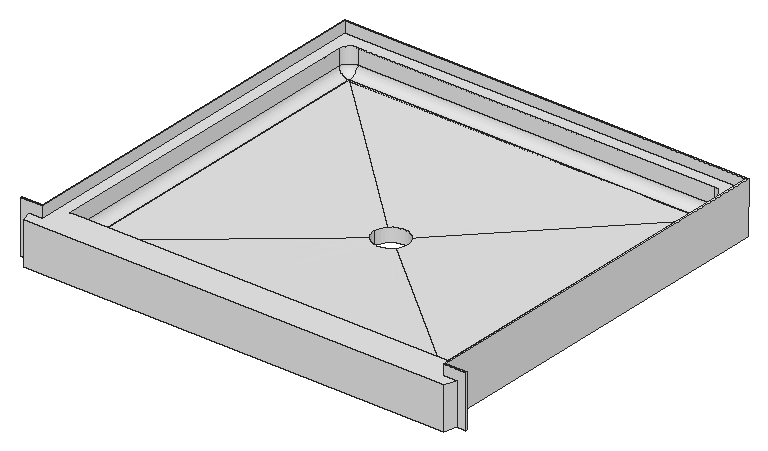
Revit family "P4238.V2", category Plumbing Fixtures, Revit 2019
Family settings
  Round Connector Dimension = Use Diameter
  Part Type = Normal
  OmniClass Number = 23.45.05.14.17
  OmniClass Title = Showers
  Work Plane-Based = No
  Always vertical = Yes
  Cut with Voids When Loaded = No
  Shared = No
  Room Calculation Point = No
Parameters (values of type "P4238.V2")
  Unit Width = 38 1/2"
  Unit Height = 5"
  Unit Depth = 37 1/4"
  URL = "http://www.bestbath.com/"
  Type Comments = "Remodeler"
  Model = "P4238.V2"
  Material [instance] = Best Bath Gelcoat Fiberglass - Smooth
  Manufacturer = "Best Bath Systems, Inc."
  Keynote = "22 40 00.B3"
  Description = "Shower Pan"
  Assembly Code = "D2010710"
Reference planes (in)
  plane 1 "Back": y = -7.75
  plane 2: z = 0
  plane 3 "Left": x = -8.5718
  plane 4: x = 29.9282
  plane 5: z = 4
  plane 6: z = 5
  plane 7: x = 10.6782
  plane 8: y = 29.5
  plane 9: y = 11
  plane 10: x = -7.3218
  plane 11: x = 28.6782
  plane 12: y = 28.25
  plane 13: z = 1.625
  plane 14: z = 1.25
  plane 15: y = -6.5
  plane 16: x = 31.9282
  plane 17: x = -10.5718
Forms (in)
  Extrusion 1, solid, material "Best Bath Gelcoat Fiberglass - Smooth"
    sketch origin (0, 0, 0) x (1, 0, 0) y (0, 1, 0)
      loop
        line (-9.3218, -7.75) -> (-7.3218, -7.75) -> (-7.3218, 27.25)
        arc (-7.3218, 27.25) -> (-7.0289, 27.95711) -> (-6.3218, 28.25) r 1
        line (-6.3218, 28.25) -> (27.6782, 28.25)
        arc (27.6782, 28.25) -> (28.38531, 27.95711) -> (28.6782, 27.25) r 1
        line (28.6782, 27.25) -> (28.6782, -7.75) -> (30.6782, -7.75) -> (31.0532, -6.625) -> (29.9282, -6.625) -> (29.9282, 29.5) -> (-8.5718, 29.5) -> (-8.5718, -6.625) -> (-9.6968, -6.625) -> (-9.3218, -7.75)
    from 0 to 4
  Extrusion 2, solid, material "Best Bath Gelcoat Fiberglass - Smooth"
    sketch origin (0, 0, 0) x (1, 0, 0) y (0, 1, 0)
      loop
        line (-8.5718, -7.75) -> (29.9282, -7.75) -> (29.9282, 29.5) -> (-8.5718, 29.5) -> (-8.5718, -7.75)
      loop
        circle (10.6782, 11) r 1.625
    from 0 to 1.625
  Sweep 3, solid, material "Best Bath Gelcoat Fiberglass - Smooth"
    path origin (0, 0, 0) x (1, 0, 0) y (0, 1, 0)
      loop
        line (28.6782, -7.75) -> (28.6782, 27.25)
        arc (28.6782, 27.25) -> (28.38531, 27.95711) -> (27.6782, 28.25) r 1
        line (27.6782, 28.25) -> (-6.3218, 28.25)
        arc (-6.3218, 28.25) -> (-7.0289, 27.95711) -> (-7.3218, 27.25) r 1
        line (-7.3218, 27.25) -> (-7.3218, -7.75)
    profile origin (-7.3218, 9.75, 0) x (1, 0, 0) y (0, 0, 1)
      loop
        line (0, 1.625) -> (0.9, 1.625)
        arc (0.9, 1.625) -> (0.2636, 1.8886) -> (0, 2.525) r 0.9
        line (0, 2.525) -> (0, 1.625)
  Blend 4, void
    base sketch origin (0, 0, 0) x (1, 0, 0) y (0, 1, 0)
      loop
        line (-6.3218, -3.7353) -> (27.6782, -3.7353) -> (27.6782, 27.25) -> (-6.3218, 27.25) -> (-6.3218, -3.7353)
    top sketch origin (0, 0, 0) x (1, 0, 0) y (0, 1, 0)
      loop
        circle (10.6782, 11) r 0.10467
    from 1.625 to 1.25
  Sweep 5, solid, material "Best Bath Gelcoat Fiberglass - Smooth"
    path origin (0, 0, 0) x (1, 0, 0) y (0, 1, 0)
      loop
        line (-7.3218, -7.75) -> (28.6782, -7.75)
    profile origin (10.6782, -7.75, 0) x (0, 1, 0) y (0, 0, 1)
      loop
        line (0, 4) -> (0, 0) -> (4.11592, 0) -> (3.00305, 4) -> (0, 4)
  Extrusion 6, solid, material "Best Bath Gelcoat Fiberglass - Smooth"
    sketch origin (0, 0, 0) x (1, 0, 0) y (0, 1, 0)
      loop
        line (-8.5718, -6.5) -> (-10.5718, -6.5) -> (-10.5718, -6.625) -> (-8.4468, -6.625) -> (-8.4468, 29.375) -> (29.8032, 29.375) -> (29.8032, -6.625) -> (31.9282, -6.625) -> (31.9282, -6.5) -> (29.9282, -6.5) -> (29.9282, 29.5) -> (-8.5718, 29.5) -> (-8.5718, -6.5)
    from 0 to 5
Cuts and joins
  Blend 4 cuts Extrusion 1
  Blend 4 cuts Extrusion 2
  Blend 4 cuts Sweep 3
  joined: Extrusion 1, Extrusion 2, Sweep 3, Sweep 5, Extrusion 6
Dimensions and locks (in)
  "Unit Width": plane 3 "Left" to plane 4
  locked: plane 6 to plane 5 at 1
  "Unit Height": plane 6 to level
  equal spacing: plane 3 "Left", plane 7, plane 4
  locked: plane 8 to plane 12 at 1.25
  locked: plane 11 to plane 4 at 1.25
  locked: plane 3 "Left" to plane 10 at 1.25
  plane 8 to plane 9 = 18 1/2"
  locked: plane 13 to plane 14 at 0.375
  locked: plane 13 to level at 1.625
  plane 8 to plane 15 = 36"
  "Unit Depth": plane 8 to plane 1 "Back"
  locked: plane 15 to plane 1 "Back" at 1.25
  locked: plane 17 to plane 16 at 42.5
  aligned and locked: level to plane 2
  aligned and locked: plane 9 to Extrusion 2 sketch curve
  aligned and locked: plane 7 to Extrusion 2 sketch curve
  aligned and locked: Sweep 3 to plane 13
  aligned and locked: Sweep 3 sketch curve to plane 13
  aligned and locked: plane 13 to Extrusion 2
  aligned and locked: plane 9 to Blend 4 sketch curve
  aligned and locked: plane 7 to Blend 4 sketch curve
  aligned and locked: Extrusion 2 to Blend 4
  aligned and locked: Blend 4 to plane 14
  aligned and locked: plane 5 to Extrusion 1
  aligned and locked: plane 5 to Sweep 5
  aligned and locked: plane 6 to Extrusion 6
  aligned and locked: plane 15 to Extrusion 6 sketch curve
  aligned and locked: plane 16 to cut or joined group of Extrusion 1, Extrusion 2, Sweep 3, Blend 4, Sweep 5, Extrusion 6
  aligned and locked: Extrusion 6 to plane 17
Automatic sketch dimensions
  profile plane to Sweep 3 sketch curve = 0"
  Sweep 3 sketch curve to profile plane = 0.9"
  Sweep 3 sketch curve to plane 10 = 0"
  Sweep 3 sketch curve to plane 12 = 0"
  Sweep 3 sketch curve to plane 11 = 0"
  Sweep 3 sketch curve to plane 12 = 1"
  plane 1 "Back" to Sweep 3 sketch curve = 0"  (x2)
  plane 10 to Sweep 3 sketch curve = 1"
  plane 1 "Back" to Sweep 5 sketch curve = 0"
  Sweep 5 sketch curve to plane 10 = 0"
  Sweep 5 sketch curve to plane 11 = 0"
  plane 10 to Blend 4 sketch curve = 1"
  Blend 4 sketch curve to plane 11 = 1"
  Blend 4 sketch curve to plane 1 "Back" = 4.0147"
  Blend 4 sketch curve to plane 12 = 1"
  Extrusion 2 sketch curve to plane 4 = 0"
  Extrusion 2 sketch curve to plane 8 = 0"
  Extrusion 2 sketch curve to plane 3 "Left" = 0"
  plane 1 "Back" to Extrusion 2 sketch curve = 0"
  Sweep 5 sketch curve to profile plane = 0"
  Sweep 5 sketch curve to level = 0"
  level to Sweep 5 sketch curve = 4"
  Sweep 5 sketch curve to Sweep 5 sketch curve = 3.00305"
  Sweep 5 sketch curve to Sweep 5 sketch curve = 4.11592"
  Extrusion 6 sketch curve to plane 3 "Left" = 0"
  Extrusion 6 sketch curve to plane 4 = 0"
  Extrusion 6 sketch curve to plane 15 = 0"
  Extrusion 6 sketch curve to plane 8 = 0"
  plane 3 "Left" to Extrusion 6 sketch curve = 1/8"
  plane 4 to Extrusion 6 sketch curve = 1/8"
  Extrusion 6 sketch curve to plane 15 = 1/8"  (x2)
  Extrusion 6 sketch curve to plane 4 = 2"
  Extrusion 6 sketch curve to plane 8 = 1/8"
  plane 1 "Back" to Extrusion 1 sketch curve = 0"  (x2)
  Extrusion 1 sketch curve to plane 3 "Left" = 0"
  Extrusion 1 sketch curve to plane 10 = 0"
  Extrusion 1 sketch curve to plane 12 = 0"
  Extrusion 1 sketch curve to plane 11 = 0"
  Extrusion 1 sketch curve to plane 4 = 0"
  Extrusion 1 sketch curve to plane 8 = 0"
  Extrusion 1 sketch curve to plane 3 "Left" = 3/4"
  Extrusion 1 sketch curve to plane 15 = 1/8"  (x2)
  plane 10 to Extrusion 1 sketch curve = 1"
  Extrusion 1 sketch curve to Extrusion 1 sketch curve = 1"
  Extrusion 1 sketch curve to plane 4 = 1 1/8"
  Extrusion 1 sketch curve to plane 4 = 3/4"
  plane 17 to Extrusion 1 sketch curve = 7/8"
  Extrusion 6 sketch curve to plane 17 = 0"
  radius of Blend 4 sketch curve = 0.10467"
  radius of Extrusion 2 sketch curve = 1 5/8"
